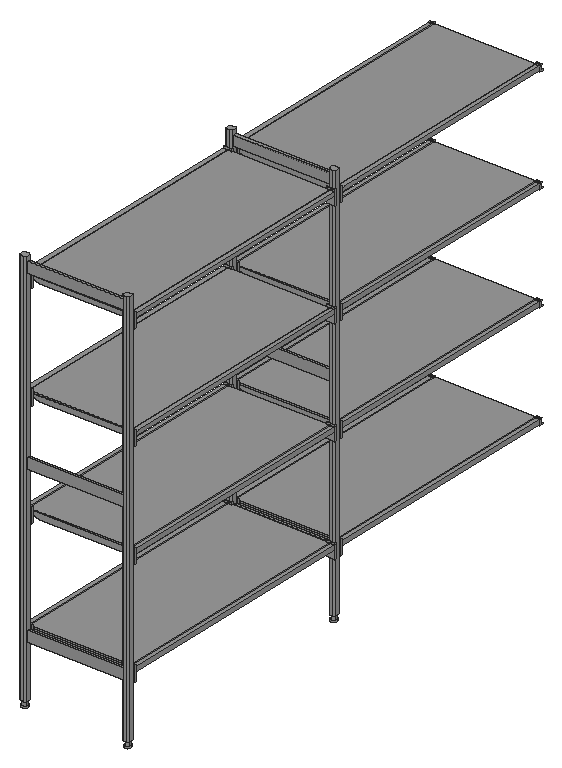
Revit family "QF_ELECTROLUXPROFESSIONAL_137085_CLS2192", category Attrezzature speciali, Revit 2020 (continued)
Definition of nested family "WT_Aggancio475"
  Dimensions and locks
    equal spacing: plane 7, plane 6 "Center (Front/Back)", plane 8
    equal spacing: plane 3 "BACK", plane 6 "Center (Front/Back)", plane 4 "FRONT"
    plane 9 "FEET" to level = 25.0 mm
    plane 5 "TOP" to plane 9 "FEET" = 1700.0 mm
    plane 10 to plane 9 "FEET" = 250.0 mm
    plane 11 to plane 10 = 450.0 mm
    plane 12 to plane 11 = 450.0 mm
    plane 13 to plane 12 = 450.0 mm
    locked: plane 3 "BACK" to plane 15 "CYBack" at 17.5
    locked: plane 16 "CYFront" to plane 4 "FRONT" at 17.5
    aligned and locked: level to plane 1
    aligned and locked: Extrusion 1 sketch curve to Extrusion 1 sketch curve  (x3)
  Automatic sketch dimensions
    plane 16 "CYFront" to Extrusion 1 sketch curve = 1.478 mm  (x4)
    Extrusion 1 sketch curve to Extrusion 1 sketch curve = 2.0 mm
    plane 8 to Extrusion 1 sketch curve = 3.478 mm  (x4)
    Extrusion 1 sketch curve to plane 10 = 4.006 mm
    Extrusion 1 sketch curve to Extrusion 1 sketch curve = 34.0 mm  (x4)
    Extrusion 1 sketch curve to plane 11 = 4.006 mm
    Extrusion 1 sketch curve to plane 12 = 4.006 mm
    Extrusion 1 sketch curve to plane 13 = 4.006 mm
    Extrusion 1 sketch curve to plane 7 = 37.522 mm  (x4)
    Extrusion 1 sketch curve to plane 7 = 3.522 mm  (x4)
    plane 14 to Extrusion 1 sketch curve = 3.516 mm  (x4)
    plane 14 to Extrusion 1 sketch curve = 1.522 mm  (x4)
    plane 10 to Extrusion 1 sketch curve = 7.998 mm  (x2)
    Extrusion 1 sketch curve to Extrusion 1 sketch curve = 11.498 mm  (x4)
    Extrusion 1 sketch curve to Extrusion 1 sketch curve = 6.499 mm  (x8)
    plane 11 to Extrusion 1 sketch curve = 7.998 mm  (x2)
    plane 12 to Extrusion 1 sketch curve = 7.998 mm  (x2)
    plane 13 to Extrusion 1 sketch curve = 7.998 mm  (x2)
    plane 2 "LEFT" to Extrusion 2 sketch curve = 0.0 mm  (x4)
    plane 13 to Extrusion 2 sketch curve = 7.996 mm
    plane 11 to Extrusion 2 sketch curve = 7.996 mm
    Extrusion 2 sketch curve to Extrusion 2 sketch curve = 5.0 mm  (x4)
    plane 11 to Extrusion 2 sketch curve = 2.494 mm
    plane 10 to Extrusion 2 sketch curve = 28.996 mm
    Extrusion 2 sketch curve to Extrusion 2 sketch curve = 3.0 mm  (x4)
    plane 10 to Extrusion 2 sketch curve = 7.996 mm
    plane 10 to Extrusion 2 sketch curve = 2.494 mm
    Extrusion 2 sketch curve to Extrusion 2 sketch curve = 18.0 mm  (x3)
    plane 12 to Extrusion 2 sketch curve = 2.494 mm
    plane 12 to Extrusion 2 sketch curve = 7.996 mm
    plane 13 to Extrusion 2 sketch curve = 2.494 mm
    plane 2 "LEFT" to Extrusion 3 sketch curve = 0.0 mm  (x4)
    plane 13 to Extrusion 3 sketch curve = 7.996 mm
    plane 11 to Extrusion 3 sketch curve = 7.996 mm
    Extrusion 3 sketch curve to Extrusion 3 sketch curve = 5.0 mm  (x4)
    plane 11 to Extrusion 3 sketch curve = 2.494 mm
    plane 10 to Extrusion 3 sketch curve = 28.996 mm
    Extrusion 3 sketch curve to Extrusion 3 sketch curve = 3.0 mm  (x4)
    plane 10 to Extrusion 3 sketch curve = 7.996 mm
    plane 10 to Extrusion 3 sketch curve = 2.494 mm
    Extrusion 3 sketch curve to Extrusion 3 sketch curve = 18.0 mm  (x3)
    plane 12 to Extrusion 3 sketch curve = 2.494 mm
    plane 12 to Extrusion 3 sketch curve = 7.996 mm
    plane 13 to Extrusion 3 sketch curve = 2.494 mm
    plane 2 "LEFT" to curve 1 = 5.0 mm
    plane 2 "LEFT" to curve 7 = 5.0 mm
    curve 1 to plane 16 "CYFront" = 17.5 mm
    curve 3 to plane 8 = 12.522 mm
    plane 7 to curve 5 = 12.478 mm
    curve 7 to plane 14 = 17.5 mm
    curve 5 to curve 5 = 4.0 mm
    curve 1 to curve 4 = 4.0 mm
    Extrusion 2 sketch curve to Extrusion 2 sketch curve = 4.0 mm  (x4)
    Extrusion 2 sketch curve to Extrusion 2 sketch curve = 8.969 mm  (x4)
    Extrusion 3 sketch curve to Extrusion 3 sketch curve = 4.0 mm  (x4)
    Extrusion 3 sketch curve to Extrusion 3 sketch curve = 8.969 mm  (x4)
